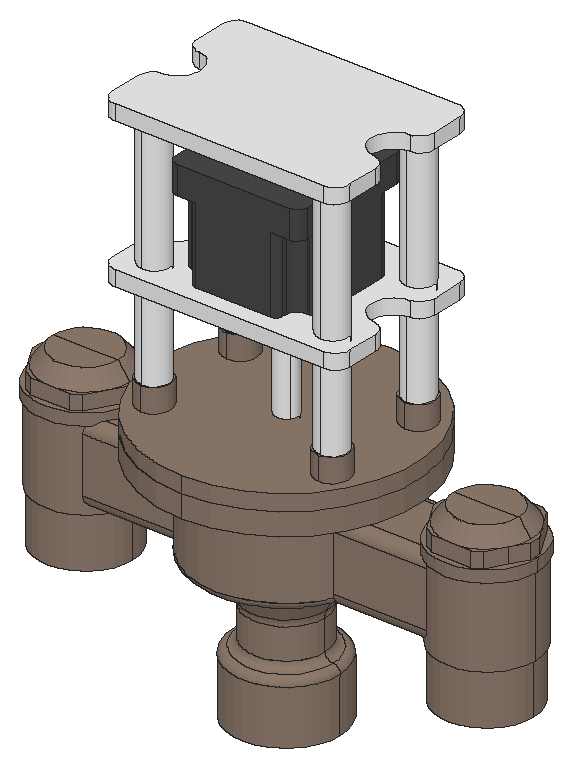
Revit family "Plumbing_Valves_Leonard-Valve_PNV-125-LF-Proton-Digital-Mixing-Valve", category Pipe Accessories, Revit 2015
Parameters (values of type "PNV-125-LF")
  Youtube clip = ""
  Weight Net (Kg) = "0"
  Water Pressure Maximum = 200.00 psi  # constant formula
  Uniformat II Description = "PLUMBING"
  Uniformat II Code = "D20"
  Uniclass 2015 Name = "Control valves"
  Uniclass 2015 Code = "Pr_65_54_40_16"
  Uniclass 2.0 Description = "Valves"
  Uniclass 2.0 Code = "PR-94"
  Uniclass 1.4 Description = "Mixing valves"
  Uniclass 1.4 Code = "L71177"
  URL = "http://www.leonardvalve.com/"
  UNSPSC Code = "401416"
  Technical description = "http://www.leonardvalve.com/productdetails.asp?i=4728&productname=Digital-Temperature-Control&model=PNV-125-LF"
  Region South America = "All"
  Region Oceania = "All"
  Region North America = "All"
  Region Middle East = "All"
  Region Europe = "All"
  Region Asia = "All"
  Region Antarctica = "All"
  Region Africa = "All"
  QR code = "http://bimobject.com/leonardvalvecompany/product/pnv-125-Lf"
  Product url = "http://www.leonardvalve.com/productdetails.asp?i=4728&productname=Digital-Temperature-Control&model=PNV-125-LF"
  Product group = "Digitally Controlled Mixing Valves"
  Product family = "Mixing Valves for Liquid Services"
  Product data url = "https://bimobject.com/leonardvalvecompany/product/pnv-125-Lf"
  Product certification = "http://www.leonardvalve.com/productdetails.asp?i=4728&productname=Digital-Temperature-Control&model=PNV-125-LF"
  Product SKU = "pnv-125-Lf"
  Product Guid = "cb3322b5-28c3-4de2-b08c-f05be7862a5d"
  Piping Method = "Method W"  # constant formula
  Outlet Temperature Range = "65º - 180ºF"  # constant formula
  Outlet = 1 1/4"
  OmniClass Description = "Mixing Valves"
  OmniClass Code = "23-27 31 29"
  Nominal width = 0' - 0"
  Nominal height = 0' - 0"
  NBS Reference Description = "Valves"
  NBS Reference Code = "94-94"
  Model = "PNV-125-LF"
  Mixed Water Outlet Flow [instance] = 0 GPM
  Minimum Flow Rate = 0.25 GPM  # constant formula
  Maximum Pressure Drop = 50.00 psi  # constant formula
  Maximum Flow Rate = 120 GPM  # constant formula
  Material secondary = ""
  Material main = ""
  Masterformat 2014 Description = "Control Valves"
  Masterformat 2014 Code = "23 09 13.33"
  Manufacturer name = "Leonard Valve Company"
  Manufacturer country = "United States"
  Manufacturer = "Leonard Valve"
  Installation instructions = "http://www.leonardvalve.com/productdetails.asp?i=4728&productname=Digital-Temperature-Control&model=PNV-125-LF"
  Inlet = 1"
  IFC Classification = "Valve"
  Hot Water Inlet Flow [instance] = 0 GPM
  Hot Inlet Temperature Range = "120º - 180ºF"  # constant formula
  GTIN code = ""
  Edition number = 1
  Design country = "United States"
  Description = "Leonard’s Newest, Sleek Digital Temperature Control Valve"
  Date of publishing = ""
  Cold Water Inlet Flow [instance] = 0 GPM
  Cold Inlet Temperature Range = "39º - 80ºF"  # constant formula
  COBIe Type Category = ""
  Brand url = "http://www.leonardvalve.com/"
  BIMobject main category code = "plumbing"
  BIMobject main category = "Plumbing"
  BIMobject category code = "plumbing-valves"
  BIMobject category = "Valves"
Reference planes (in)
  plane 1 "Center (Front/Back)": y = 0
  plane 2: z = 0
  plane 3 "Center (Left/Right)": x = 0
Forms (in)
  Extrusion 1, solid, material "Steel-Leonard_Valve_Company-Baked_White", detail levels fine
    sketch origin (0, 0, 0) x (1, 0, 0) y (0, 1, 0)
      loop
        arc (-1.75, 1.40625) -> (-1.92678, 1.33303) -> (-2, 1.15625) r 0.25
        line (-2, 1.15625) -> (-2, 0.62161)
        arc (-2, 0.62161) -> (-1.93574, 0.45428) -> (-1.776, 0.37297) r 0.25
        arc (-1.776, 0.37297) -> (-1.44, 0) -> (-1.776, -0.37297) r 0.375
        arc (-1.776, -0.37297) -> (-1.93574, -0.45428) -> (-2, -0.62161) r 0.25
        line (-2, -0.62161) -> (-2, -1.15625)
        arc (-2, -1.15625) -> (-1.92678, -1.33303) -> (-1.75, -1.40625) r 0.25
        line (-1.75, -1.40625) -> (1.75, -1.40625)
        arc (1.75, -1.40625) -> (1.92678, -1.33303) -> (2, -1.15625) r 0.25
        line (2, -1.15625) -> (2, -0.62161)
        arc (2, -0.62161) -> (1.93574, -0.45428) -> (1.776, -0.37297) r 0.25
        arc (1.776, -0.37297) -> (1.44, 0) -> (1.776, 0.37297) r 0.375
        arc (1.776, 0.37297) -> (1.93574, 0.45428) -> (2, 0.62161) r 0.25
        line (2, 0.62161) -> (2, 1.15625)
        arc (2, 1.15625) -> (1.92678, 1.33303) -> (1.75, 1.40625) r 0.25
        line (1.75, 1.40625) -> (-1.75, 1.40625)
    from 8.955 to 9.205
  Extrusion 2, solid, material "Bronze-Leonard_Valve_Company", detail levels fine
    sketch origin (0, 0, 0) x (1, 0, 0) y (0, 1, 0)
      loop
        circle (-1.5, 0.90625) r 0.28125
      loop
        circle (1.5, 0.90625) r 0.28125
      loop
        circle (1.5, -0.90625) r 0.28125
      loop
        circle (-1.5, -0.90625) r 0.28125
    from 4.565 to 4.955
  Extrusion 3, solid, material "Steel-Leonard_Valve_Company-Baked_White", detail levels fine
    sketch origin (0, 0, 0) x (1, 0, 0) y (0, 1, 0)
      loop
        circle (-1.5, 0.90625) r 0.25
      loop
        circle (-1.5, -0.90625) r 0.25
      loop
        circle (1.5, -0.90625) r 0.25
      loop
        circle (1.5, 0.90625) r 0.25
    from 4.955 to 8.955
  Extrusion 4, solid, material "Steel-Leonard_Valve_Company-Baked_White", detail levels fine
    sketch origin (0, 0, 0) x (1, 0, 0) y (0, 1, 0)
      loop
        circle (0, 0) r 0.1875
    from 4.05729 to 6.455
  Extrusion 5, solid, material "Steel-Leonard_Valve_Company-Baked_White", detail levels fine
    sketch origin (0, 0, 0) x (1, 0, 0) y (0, 1, 0)
      loop
        arc (-1.75, 1.40625) -> (-1.92678, 1.33303) -> (-2, 1.15625) r 0.25
        line (-2, 1.15625) -> (-2, 0.62161)
        arc (-2, 0.62161) -> (-1.93574, 0.45428) -> (-1.776, 0.37297) r 0.25
        arc (-1.776, 0.37297) -> (-1.44, 0) -> (-1.776, -0.37297) r 0.375
        arc (-1.776, -0.37297) -> (-1.93574, -0.45428) -> (-2, -0.62161) r 0.25
        line (-2, -0.62161) -> (-2, -1.15625)
        arc (-2, -1.15625) -> (-1.92678, -1.33303) -> (-1.75, -1.40625) r 0.25
        line (-1.75, -1.40625) -> (1.75, -1.40625)
        arc (1.75, -1.40625) -> (1.92678, -1.33303) -> (2, -1.15625) r 0.25
        line (2, -1.15625) -> (2, -0.62161)
        arc (2, -0.62161) -> (1.93574, -0.45428) -> (1.776, -0.37297) r 0.25
        arc (1.776, -0.37297) -> (1.44, 0) -> (1.776, 0.37297) r 0.375
        arc (1.776, 0.37297) -> (1.93574, 0.45428) -> (2, 0.62161) r 0.25
        line (2, 0.62161) -> (2, 1.15625)
        arc (2, 1.15625) -> (1.92678, 1.33303) -> (1.75, 1.40625) r 0.25
        line (1.75, 1.40625) -> (-1.75, 1.40625)
    from 6.455 to 6.705
  Extrusion 6, solid, material "Black_Plastic-Leonard_Valve_Company", detail levels fine
    sketch origin (0, 0, 0) x (1, 0, 0) y (0, 1, 0)
      loop
        arc (-0.94, 1.11) -> (-1.06021, 1.06021) -> (-1.11, 0.94) r 0.17
        line (-1.11, 0.94) -> (-1.11, -0.94)
        arc (-1.11, -0.94) -> (-1.06021, -1.06021) -> (-0.94, -1.11) r 0.17
        line (-0.94, -1.11) -> (0.94, -1.11)
        arc (0.94, -1.11) -> (1.06021, -1.06021) -> (1.11, -0.94) r 0.17
        line (1.11, -0.94) -> (1.11, 0.94)
        arc (1.11, 0.94) -> (1.06021, 1.06021) -> (0.94, 1.11) r 0.17
        line (0.94, 1.11) -> (-0.94, 1.11)
    from 6.705 to 8.44729
  Extrusion 7, void
    sketch origin (0, 0, 0) x (1, 0, 0) y (0, 1, 0)
      loop
        line (-0.99189, 0.744) -> (-0.94085, 0.744)
        arc (-0.94085, 0.744) -> (-0.80166, 0.80166) -> (-0.744, 0.94085) r 0.19685
        line (-0.744, 0.94085) -> (-0.744, 0.99189)
        arc (-0.744, 0.99189) -> (-0.70941, 1.07541) -> (-0.62589, 1.11) r 0.11811
        line (-0.62589, 1.11) -> (-0.94, 1.11)
        arc (-0.94, 1.11) -> (-1.06021, 1.06021) -> (-1.11, 0.94) r 0.17
        line (-1.11, 0.94) -> (-1.11, 0.62589)
        arc (-1.11, 0.62589) -> (-1.07541, 0.70941) -> (-0.99189, 0.744) r 0.11811
      loop
        arc (0.62589, 1.11) -> (0.70941, 1.07541) -> (0.744, 0.99189) r 0.11811
        line (0.744, 0.99189) -> (0.744, 0.94085)
        arc (0.744, 0.94085) -> (0.80166, 0.80166) -> (0.94085, 0.744) r 0.19685
        line (0.94085, 0.744) -> (0.99189, 0.744)
        arc (0.99189, 0.744) -> (1.07541, 0.70941) -> (1.11, 0.62589) r 0.11811
        line (1.11, 0.62589) -> (1.11, 0.94)
        arc (1.11, 0.94) -> (1.06021, 1.06021) -> (0.94, 1.11) r 0.17
        line (0.94, 1.11) -> (0.62589, 1.11)
      loop
        line (0.99189, -0.744) -> (0.94085, -0.744)
        arc (0.94085, -0.744) -> (0.80166, -0.80166) -> (0.744, -0.94085) r 0.19685
        line (0.744, -0.94085) -> (0.744, -0.99189)
        arc (0.744, -0.99189) -> (0.70941, -1.07541) -> (0.62589, -1.11) r 0.11811
        line (0.62589, -1.11) -> (0.94, -1.11)
        arc (0.94, -1.11) -> (1.06021, -1.06021) -> (1.11, -0.94) r 0.17
        line (1.11, -0.94) -> (1.11, -0.62589)
        arc (1.11, -0.62589) -> (1.07541, -0.70941) -> (0.99189, -0.744) r 0.11811
      loop
        line (-1.11, -0.62589) -> (-1.11, -0.94)
        arc (-1.11, -0.94) -> (-1.06021, -1.06021) -> (-0.94, -1.11) r 0.17
        line (-0.94, -1.11) -> (-0.62589, -1.11)
        arc (-0.62589, -1.11) -> (-0.70941, -1.07541) -> (-0.744, -0.99189) r 0.11811
        line (-0.744, -0.99189) -> (-0.744, -0.94085)
        arc (-0.744, -0.94085) -> (-0.80166, -0.80166) -> (-0.94085, -0.744) r 0.19685
        line (-0.94085, -0.744) -> (-0.99189, -0.744)
        arc (-0.99189, -0.744) -> (-1.07541, -0.70941) -> (-1.11, -0.62589) r 0.11811
    from 6.705 to 7.97729
  Extrusion 8, solid, material "Bronze-Leonard_Valve_Company", detail levels fine
    sketch origin (0, 0, 0) x (1, 0, 0) y (0, 1, 0)
      loop
        circle (0, 0) r 2.2
    from 3.92 to 4.295
  Extrusion 9, solid, material "Bronze-Leonard_Valve_Company", detail levels fine
    sketch origin (0, 0, 0) x (1, 0, 0) y (0, 1, 0)
      loop
        circle (0, 0) r 2.2
    from 4.295 to 4.565
  Revolve 10, solid, material "Bronze-Leonard_Valve_Company", detail levels fine
    sketch origin (0, 0, 0.50772) x (1, 0, 0) y (0, 0, 1)
      loop
        line (0, -0.50772) -> (0, 3.41229) -> (-1.61552, 3.41229)
        arc (-1.61552, 3.41229) -> (-1.52372, 3.35929) -> (-1.48746, 3.25968) r 0.15496
        line (-1.48746, 3.25968) -> (-1.48746, 2.00321)
        arc (-1.48746, 2.00321) -> (-1.45439, 1.92336) -> (-1.37454, 1.89029) r 0.11293
        line (-1.37454, 1.89029) -> (-1.16687, 1.89029)
        arc (-1.16687, 1.89029) -> (-1.04205, 1.85689) -> (-0.95057, 1.76563) r 0.25
        line (-0.95057, 1.76563) -> (-0.68369, 1.30511)
        arc (-0.68369, 1.30511) -> (-0.65857, 1.24466) -> (-0.65, 1.17976) r 0.25
        line (-0.65, 1.17976) -> (-0.65, 0.66228)
        arc (-0.65, 0.66228) -> (-0.69237, 0.57338) -> (-0.784, 0.53728) r 0.13432
        arc (-0.784, 0.53728) -> (-0.87239, 0.50067) -> (-0.909, 0.41228) r 0.125
        line (-0.909, 0.41228) -> (-0.909, -0.50772) -> (0, -0.50772)
      axis (0, -0.50772) -> (0, 3.41229)
    angle from 0 to 360
  Revolve 11, solid, material "Bronze-Leonard_Valve_Company", detail levels fine
    sketch origin (0, 0, 0.50772) x (1, 0, 0) y (0, 0, 1)
      loop
        line (-3.375, 0.91729) -> (-3.375, 3.34229) -> (-4.24035, 3.34229) -> (-4.24035, 3.14287) -> (-4.2, 3.14287) -> (-4.2, 1.78229) -> (-4.16864, 1.78229) -> (-4.16864, 0.91729) -> (-3.375, 0.91729)
      loop
        line (-4.125, 3.59329) -> (-3.375, 3.59329) -> (-3.375, 3.84329) -> (-3.91523, 3.84329) -> (-4.125, 3.59329)
      axis (-3.375, 0.91729) -> (-3.375, 3.84329)
    angle from 0 to 360
  Extrusion 12, solid, material "Bronze-Leonard_Valve_Company", detail levels fine
    sketch origin (0, 0, 0) x (1, 0, 0) y (0, 1, 0)
      loop
        line (-4.19027, 0.0879) -> (-4.19027, -0.0879) -> (-4.02452, -0.375) -> (-3.85876, -0.6621) -> (-3.70651, -0.75) -> (-3.04349, -0.75) -> (-2.89124, -0.6621) -> (-2.55973, -0.0879) -> (-2.55973, 0.0879) -> (-2.89124, 0.6621) -> (-3.04349, 0.75) -> (-3.70651, 0.75) -> (-3.85876, 0.6621) -> (-4.19027, 0.0879)
      loop
        line (4.19027, 0.0879) -> (3.85876, 0.6621) -> (3.70651, 0.75) -> (3.04349, 0.75) -> (2.89124, 0.6621) -> (2.55973, 0.0879) -> (2.55973, -0.0879) -> (2.89124, -0.6621) -> (3.04349, -0.75) -> (3.70651, -0.75) -> (3.85876, -0.6621) -> (4.02452, -0.375) -> (4.19027, -0.0879) -> (4.19027, 0.0879)
    from 3.85 to 4.101
  Extrusion 13, solid, material "Bronze-Leonard_Valve_Company", detail levels fine
    sketch origin (0, 0, 0.50772) x (0, 1, 0) y (0, 0, 1)
      loop
        arc (0.65817, 3.00619) -> (0.60325, 3.13877) -> (0.47067, 3.19369) r 0.1875
        line (0.47067, 3.19369) -> (-0.48734, 3.19369)
        arc (-0.48734, 3.19369) -> (-0.61992, 3.13877) -> (-0.67484, 3.00619) r 0.1875
        line (-0.67484, 3.00619) -> (-0.67484, 2.06839)
        arc (-0.67484, 2.06839) -> (-0.61992, 1.9358) -> (-0.48734, 1.88089) r 0.1875
        line (-0.48734, 1.88089) -> (0.47067, 1.88089)
        arc (0.47067, 1.88089) -> (0.60325, 1.9358) -> (0.65817, 2.06839) r 0.1875
        line (0.65817, 2.06839) -> (0.65817, 3.00619)
    from -3.04349 to 3.04349
  Revolve 14, solid, material "Bronze-Leonard_Valve_Company", detail levels fine
    sketch origin (6.75, 0, 0.50772) x (1, 0, 0) y (0, 0, 1)
      loop
        line (-3.375, 0.91729) -> (-3.375, 3.34229) -> (-4.24035, 3.34229) -> (-4.24035, 3.14101) -> (-4.2, 3.14101) -> (-4.2, 1.78229) -> (-4.16924, 1.78229) -> (-4.16924, 0.91729) -> (-3.375, 0.91729)
      loop
        line (-4.125, 3.59329) -> (-3.375, 3.59329) -> (-3.375, 3.84329) -> (-3.91523, 3.84329) -> (-4.125, 3.59329)
      axis (-3.375, 0.91729) -> (-3.375, 3.84329)
    angle from 0 to 360
Cuts and joins
  Extrusion 7 cuts Extrusion 6
  joined: Extrusion 8, Revolve 10
  joined: Revolve 11, Extrusion 13, Revolve 14
Lines and regions (in)
  Masking region 1, detail levels fine
    outline origin (0, 0, 0) x (1, 0, 0) y (0, 1, 0)
      loop
        arc (1.69188, 1.40625) -> (0, 2.2) -> (-1.69188, 1.40625) r 2.2
        line (-1.69188, 1.40625) -> (-1.75, 1.40625)
        arc (-1.75, 1.40625) -> (-1.92678, 1.33303) -> (-2, 1.15625) r 0.25
        line (-2, 1.15625) -> (-2, 0.91652)
        arc (-2, 0.91652) -> (-2.05309, 0.79046) -> (-2.09824, 0.66135) r 2.2
        line (-2.09824, 0.66135) -> (-2.81693, 0.66135)
        arc (-2.81693, 0.66135) -> (-4.24035, 0) -> (-2.81693, -0.66135) r 0.86535
        line (-2.81693, -0.66135) -> (-2.09824, -0.66135)
        arc (-2.09824, -0.66135) -> (-2.05309, -0.79046) -> (-2, -0.91652) r 2.2
        line (-2, -0.91652) -> (-2, -1.15625)
        arc (-2, -1.15625) -> (-1.92678, -1.33303) -> (-1.75, -1.40625) r 0.25
        line (-1.75, -1.40625) -> (-1.69188, -1.40625)
        arc (-1.69188, -1.40625) -> (0, -2.2) -> (1.69188, -1.40625) r 2.2
        line (1.69188, -1.40625) -> (1.75, -1.40625)
        arc (1.75, -1.40625) -> (1.92678, -1.33303) -> (2, -1.15625) r 0.25
        line (2, -1.15625) -> (2, -0.91652)
        arc (2, -0.91652) -> (2.05309, -0.79046) -> (2.09824, -0.66135) r 2.2
        line (2.09824, -0.66135) -> (2.81693, -0.66135)
        arc (2.81693, -0.66135) -> (4.24035, 0) -> (2.81693, 0.66135) r 0.86535
        line (2.81693, 0.66135) -> (2.09824, 0.66135)
        arc (2.09824, 0.66135) -> (2.05309, 0.79046) -> (2, 0.91652) r 2.2
        line (2, 0.91652) -> (2, 1.15625)
        arc (2, 1.15625) -> (1.92678, 1.33303) -> (1.75, 1.40625) r 0.25
        line (1.75, 1.40625) -> (1.69188, 1.40625)
  symbolic lines, detail levels coarse+medium
    curve 1: line (-1.41, 0.53, 0) -> (-1.41, -0.53, 0)
    curve 2: line (-1.41, -0.53, 0) -> (1.41, 0.53, 0)
    curve 3: line (1.41, 0.53, 0) -> (1.41, -0.53, 0)
    curve 4: line (1.41, -0.53, 0) -> (-1.41, 0.53, 0)
    curve 5: line (0, 0, 0) -> (0, 0.75, 0)
    curve 6: circle (0, 1.25, 0) r 0.5 normal (0, 0, 1)
    curve 7: line (-1.41, 0, 0) -> (-3.375, 0, 0)
    curve 8: line (1.41, 0, 0) -> (3.375, 0, 0)
  symbolic lines, not visible, detail levels coarse+medium
    curve 9: line (-1.41, 0.53, 0) -> (-1.41, -0.53, 0)
    curve 10: line (-1.41, -0.53, 0) -> (1.41, 0.53, 0)
    curve 11: line (1.41, 0.53, 0) -> (1.41, -0.53, 0)
    curve 12: line (1.41, -0.53, 0) -> (-1.41, 0.53, 0)
    curve 13: circle (0, 1.25, 0) r 0.5 normal (0, 0, 1)
    curve 14: line (-1.41, 0, 0) -> (-3.375, 0, 0)
    curve 15: line (1.41, 0, 0) -> (3.375, 0, 0)
    curve 16: line (0, 0, 0) -> (0, 0.75, 0)
  model lines, detail levels coarse+medium
    curve 17: line (-1.41, 0, 3.575) -> (-1.41, 0, 2.515)
    curve 18: line (-1.41, 0, 2.515) -> (1.41, 0, 3.575)
    curve 19: line (1.41, 0, 3.575) -> (1.41, 0, 2.515)
    curve 20: line (1.41, 0, 2.515) -> (-1.41, 0, 3.575)
    curve 21: line (0, 0, 0) -> (-0.17681, 0, 0.39711)
    curve 22: line (-0.17681, 0, 0.39711) -> (0.17681, 0, 0.39711)
    curve 23: line (0.17681, 0, 0.39711) -> (0, 0, 0)
    curve 24: line (-1.41, 0, 3.045) -> (-3.375, 0, 3.045)
    curve 25: line (-3.815, 0, 1.425) -> (-2.935, 0, 1.425)
    curve 26: line (1.41, 0, 3.045) -> (3.375, 0, 3.045)
    curve 27: line (3.375, 0, 3.045) -> (3.375, 0, 1.425)
    curve 28: line (2.935, 0, 1.425) -> (3.815, 0, 1.425)
    curve 29: circle (0, 0, 4.295) r 0.5 normal (0, -1, 0)
    curve 30: line (0, 0, 3.795) -> (0, 0, 0.39711)
    curve 31: line (-3.375, 0, 3.045) -> (-3.375, 0, 1.425)
  model lines, not visible, detail levels coarse+medium
    curve 32: line (7.36031, 0, 3.575) -> (7.36031, 0, 2.515)
    curve 33: line (7.36031, 0, 2.515) -> (10.18031, 0, 3.575)
    curve 34: line (10.18031, 0, 3.575) -> (10.18031, 0, 2.515)
    curve 35: line (10.18031, 0, 2.515) -> (7.36031, 0, 3.575)
    curve 36: line (8.77031, 0, 0) -> (8.5935, 0, 0.39711)
    curve 37: line (8.5935, 0, 0.39711) -> (8.94712, 0, 0.39711)
    curve 38: line (8.94712, 0, 0.39711) -> (8.77031, 0, 0)
    curve 39: line (7.36031, 0, 3.045) -> (5.39531, 0, 3.045)
    curve 40: line (4.95531, 0, 1.425) -> (5.83531, 0, 1.425)
    curve 41: line (10.18031, 0, 3.045) -> (12.14531, 0, 3.045)
    curve 42: line (12.14531, 0, 3.045) -> (12.14531, 0, 1.425)
    curve 43: line (11.70531, 0, 1.425) -> (12.58531, 0, 1.425)
    curve 44: circle (8.77031, 0, 4.295) r 0.5 normal (0, -1, 0)
    curve 45: line (8.77031, 0, 3.795) -> (8.77031, 0, 0.39711)
    curve 46: line (5.39531, 0, 3.045) -> (5.39531, 0, 1.425)
  symbolic lines, detail levels fine
    curve 47: line (-1.75, -1.40625, 0) -> (1.75, -1.40625, 0)
    curve 48: arc (-2, -1.15625, 0) -> (-1.92678, -1.33303, 0) -> (-1.75, -1.40625, 0) r 0.25
    curve 49: line (-2, -0.62161, 0) -> (-2, -1.15625, 0)
    curve 50: arc (-1.776, -0.37297, 0) -> (-1.93574, -0.45428, 0) -> (-2, -0.62161, 0) r 0.25
    curve 51: arc (-1.776, 0.37297, 0) -> (-1.44, 0, 0) -> (-1.776, -0.37297, 0) r 0.375
    curve 52: arc (-2, 0.62161, 0) -> (-1.93574, 0.45428, 0) -> (-1.776, 0.37297, 0) r 0.25
    curve 53: line (-2, 1.15625, 0) -> (-2, 0.62161, 0)
    curve 54: arc (-1.75, 1.40625, 0) -> (-1.92678, 1.33303, 0) -> (-2, 1.15625, 0) r 0.25
    curve 55: line (1.75, 1.40625, 0) -> (-1.75, 1.40625, 0)
    curve 56: arc (2, 1.15625, 0) -> (1.92678, 1.33303, 0) -> (1.75, 1.40625, 0) r 0.25
    curve 57: line (2, 0.62161, 0) -> (2, 1.15625, 0)
    curve 58: arc (1.776, 0.37297, 0) -> (1.93574, 0.45428, 0) -> (2, 0.62161, 0) r 0.25
    curve 59: arc (1.776, -0.37297, 0) -> (1.44, 0, 0) -> (1.776, 0.37297, 0) r 0.375
    curve 60: arc (2, -0.62161, 0) -> (1.93574, -0.45428, 0) -> (1.776, -0.37297, 0) r 0.25
    curve 61: line (2, -1.15625, 0) -> (2, -0.62161, 0)
    curve 62: arc (3.91523, 0, 0) -> (3.375, -0.54023, 0) -> (2.83477, 0, 0) r 0.54023
    curve 63: arc (2.83477, 0, 0) -> (3.375, 0.54023, 0) -> (3.91523, 0, 0) r 0.54023
    curve 64: arc (-2.83477, 0, 0) -> (-3.375, -0.54023, 0) -> (-3.91523, 0, 0) r 0.54023
    curve 65: arc (-3.91523, 0, 0) -> (-3.375, 0.54023, 0) -> (-2.83477, 0, 0) r 0.54023
Dimensions and locks (in)
  aligned and locked: plane 2 to level
  aligned and locked: Masking region 1 sketch curve to Extrusion 9  (x5)
  aligned and locked: Masking region 1 sketch curve to cut or joined group of Revolve 11, Extrusion 13, Revolve 14  (x2)
  aligned and locked: Masking region 1 sketch curve to Extrusion 1  (x8)
  aligned and locked: Extrusion 1 to Masking region 1 sketch curve  (x4)
  aligned and locked: curve 47 to Extrusion 1
  aligned and locked: curve 48 to Extrusion 1
  aligned and locked: curve 49 to Extrusion 1
  aligned and locked: curve 50 to Extrusion 1
  aligned and locked: curve 51 to Extrusion 1
  aligned and locked: curve 52 to Extrusion 1
  aligned and locked: curve 53 to Extrusion 1
  aligned and locked: curve 54 to Extrusion 1
  aligned and locked: curve 55 to Extrusion 1
  aligned and locked: curve 56 to Extrusion 1
  aligned and locked: curve 57 to Extrusion 1
  aligned and locked: curve 58 to Extrusion 1
  aligned and locked: curve 59 to Extrusion 1
  aligned and locked: curve 60 to Extrusion 1
  aligned and locked: curve 61 to Extrusion 1
  aligned and locked: curve 62 to cut or joined group of Revolve 11, Extrusion 13, Revolve 14
  aligned and locked: curve 63 to cut or joined group of Revolve 11, Extrusion 13, Revolve 14
  aligned and locked: curve 64 to cut or joined group of Revolve 11, Extrusion 13, Revolve 14
  aligned and locked: curve 65 to cut or joined group of Revolve 11, Extrusion 13, Revolve 14
Connectors (in)
  piping at (0, 0, 0), diameter 1.25, driven by "Outlet", driven by "Mixed Water Outlet Flow"
    settings: on cut or joined group of Extrusion 8, Revolve 10, index 1, connector inside diameter 24", connector length 0' - 0", flow factor 0, pipe flow 0 GPM, pressure drop 0.00 psi, fitting loss kfactor 0, connector angle 0.00°, fixture units 0, engagement length 0' - 0", angle of deflection 0.00°, flow configuration 0, flow direction 2, fitting loss method 0, system type 29, joint type 0, gender type 0, connector reference index -1, connector utility 0, adjustable connector no, is connector primary yes, connector description "Mixed Water Outlet"
  piping at (-3.375, 0, 1.425), diameter 1, driven by "Inlet", driven by "Hot Water Inlet Flow"
    settings: on cut or joined group of Revolve 11, Extrusion 13, Revolve 14, index 2, connector inside diameter 24", connector length 0' - 0", flow factor 0, pipe flow 0 GPM, pressure drop 0.00 psi, fitting loss kfactor 0, connector angle 0.00°, fixture units 0, engagement length 0' - 0", angle of deflection 0.00°, flow configuration 0, flow direction 1, fitting loss method 0, system type 29, joint type 0, gender type 0, connector reference index -1, connector utility 0, adjustable connector no, is connector primary no, connector description "Hot Water Inlet"
  piping at (3.375, 0, 1.425), diameter 1, driven by "Inlet", driven by "Cold Water Inlet Flow"
    settings: on Revolve 14, index 3, connector inside diameter 24", connector length 0' - 0", flow factor 0, pipe flow 0 GPM, pressure drop 0.00 psi, fitting loss kfactor 0, connector angle 0.00°, fixture units 0, engagement length 0' - 0", angle of deflection 0.00°, flow configuration 0, flow direction 1, fitting loss method 0, system type 29, joint type 0, gender type 0, connector reference index -1, connector utility 0, adjustable connector no, is connector primary no, connector description "Cold Water Inlet"
